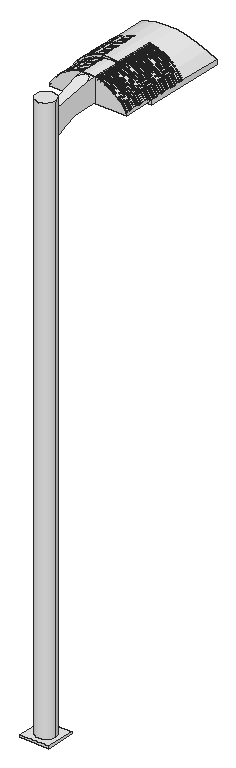
Revit family "ARX16-main", category Lighting Fixtures, host Face, Revit 2012
Parameters (values of type "White")
  Voltage = 120 V
  URL = "http://www.kimlighting.com/"
  Straight Arm [instance] = no
  Product Page URL = "http://www.kimlighting.com/products/archetype_x_sitearea"
  Product Documentation Link = "http://cdn.kimlighting.com/content/products/specs/specs_files/kl_arx09_lens_spec.pdf"
  Pole Mounting [instance] = ARX16-Pole : 1SA
  Photometry = "http://www.kimlighting.com/design-tools/ies-library/?query=ARX16"
  Model = "ARX16"  # constant formula
  Manufacturer Phone = "(626)-968-5666"  # constant formula
  Manufacturer Fax = "(626)-369-2695"  # constant formula
  Manufacturer = "Kim Lighting"  # constant formula
  Load Classification = Lighting
  Lens [instance] = no
  Lamp = "96 LED Lamp"  # constant formula
  Height = 10' - 0"
  Glass = Hubbell - Glass
  Finish = Hubbell - White
  Description = "ArcheType X Site/Area"  # constant formula
  Default Elevation = 4' - 0"
  Connector Description = "Lighting Connector"  # constant formula
  Apparent Load = 0 VA
Types (7): name | Straight Arm | Product Documentation Link | Pole Mounting | Lens | Finish
  (no name) | no | "http://cdn.kimlighting.com/content/products/specs/specs_files/kl_arx09_lens_spec.pdf" | ARX16-Pole : 1SA | no | Hubbell - White
  Black | yes | "http://cdn.kimlighting.com/content/products/specs/specs_files/kl_arx16_lens_spec.pdf" | ARX16-Pole : 1SA | yes | Hubbell - Black
  Dark Bronze | yes | "http://cdn.kimlighting.com/content/products/specs/specs_files/kl_arx09_lens_spec.pdf" | ARX16-Pole : 1SA | yes | Hubbell - Dark Bronze
  Light Gray | yes | "http://cdn.kimlighting.com/content/products/specs/specs_files/kl_arx09_lens_spec.pdf" | ARX16-Pole : 1SA | yes | Hubbell - Light Gray
  Platinum Silver | yes | "http://cdn.kimlighting.com/content/products/specs/specs_files/kl_arx09_lens_spec.pdf" | ARX16-Pole : 3ST | yes | Hubbell - Platinum Silver
  Titanium | yes | "http://cdn.kimlighting.com/content/products/specs/specs_files/kl_arx09_lens_spec.pdf" | ARX16-Pole : 1SA | yes | Hubbell - Titanium
  White | no | "http://cdn.kimlighting.com/content/products/specs/specs_files/kl_arx09_lens_spec.pdf" | ARX16-Pole : 1SA | no | Hubbell - White
Reference planes (in)
  plane 1 "Center (Front/Back)": y = 0
  plane 2: z = 0
  plane 3 "Center (Left/Right)": x = 0
  plane 4: z = 0.5
  plane 5: z = 120
Dimensions and locks (in)
  locked: host sketch curve to host sketch curve at 48  (x2)
  equal spacing: host sketch curve, plane 3 "Center (Left/Right)", host sketch curve
  equal spacing: host sketch curve, plane 1 "Center (Front/Back)", host sketch curve
  plane 3 "Center (Left/Right)" to host sketch curve = 2' - 0"
  plane 1 "Center (Front/Back)" to host sketch curve = 2' - 0"
  locked: plane 4 to plane 2 at 0.5
  "Height": plane 5 to plane 2
  aligned and locked: plane 2 to host face
  aligned and locked: level to host face
  aligned and locked: plane 3 "Center (Left/Right)" to nested 1
  aligned and locked: plane 1 "Center (Front/Back)" to nested 1
Nested families (in)
  nested 1: "ARX16-Pole" at (0, 0, 0), Height <- "Height", type <- "Pole Mounting", Glass <- "Glass", Finish <- "Finish", type "1SA"
    with Height 10' - 0", Glass Hubbell - Glass, Finish Hubbell - White
Connectors (in)
  electrical at (0, 0, 120), driven by "Load Classification", driven by "Voltage", driven by "Apparent Load", driven by "Connector Description"
    settings: on nested 1, index 1, voltage 120 V, apparent load 0 VA, apparent load phase1 0 VA, apparent load phase2 0 VA, apparent load phase3 0 VA, power factor 1, load classification "Lighting", number of poles 1, system type 30, power factor state 1, is connector primary yes, connector utility no, sub classification motor no, connector description "Lighting Connector"
Definition of nested family "ARX16-Pole"
  Parameters (values of type "1SA")
    Voltage = 120 V
    URL = ""
    Straight Arm = no
    Model = ""
    Manufacturer = ""
    Lens = no
    Lamp-6 = no
    Lamp-5 = no
    Lamp-4 = no
    Lamp-3 = no
    Lamp-2 = no
    Lamp-1 = yes
    Lamp = "LED Lamp"
    Height [instance] = 8' - 0"
    Glass [instance] = Hubbell - Glass
    Finish [instance] = none
    Description = ""
    Default Elevation = 4' - 0"
    Apparent Load = 0 VA
  Types (6): name | Straight Arm | Lens | Lamp-6 | Lamp-5 | Lamp-4 | Lamp-3 | Lamp-2 | Lamp-1
    1SA | no | no | no | no | no | no | no | yes
    2SB | yes | yes | no | no | no | yes | no | yes
    2SL | yes | yes | no | no | no | no | yes | yes
    3ST | yes | yes | no | no | no | yes | yes | yes
    3SY | yes | yes | yes | yes | no | yes | no | no
    4SC | yes | yes | no | no | yes | yes | yes | yes
  Reference planes (in)
    plane 1 "Center (Front/Back)": y = 0
    plane 2: z = 0
    plane 3 "Center (Left/Right)": x = 0
    plane 4: z = 0.5
    plane 5: y = 3
    plane 6: y = -3
    plane 7: x = -3
    plane 8: x = 3
    plane 9: x = 2
    plane 10: x = -2
    plane 11: y = 2
    plane 12: y = -2
    plane 13: z = 96
    plane 14: through (3.52609, 6.35436, 180) normal (0.7071, -0.7071, 0)
    plane 15: through (-3.52609, 6.35436, 180) normal (0.7071, 0.7071, 0)
    plane 16: through (-3.34644, 3.36386, 180) normal (0.7071, 0.7071, 0)
    plane 17: through (3.34644, 3.36386, 180) normal (0.7071, -0.7071, 0)
  Forms (in)
    Extrusion 1, solid
      sketch origin (0, 0, 0) x (1, 0, 0) y (0, 1, 0)
        loop
          line (-24, 24) -> (-24, -24) -> (24, -24) -> (24, 24) -> (-24, 24)
      from 0 to -1.5
    Extrusion 2, solid, material <- "Finish"
      sketch origin (0, 0, 0) x (1, 0, 0) y (0, 1, 0)
        loop
          line (-3, 3) -> (-3, -3) -> (3, -3) -> (3, 3) -> (-3, 3)
      from 0 to 0.5
    Extrusion 3, solid, material <- "Finish"
      sketch origin (0, 0, 0) x (1, 0, 0) y (0, 1, 0)
        loop
          circle (0, 0) r 2
      from 0 to 96
  Cuts and joins
    joined: Extrusion 2, Extrusion 3
  Dimensions and locks (in)
    locked: Extrusion 1 sketch curve to Extrusion 1 sketch curve at 48  (x2)
    equal spacing: Extrusion 1 sketch curve, plane 3 "Center (Left/Right)", Extrusion 1 sketch curve
    equal spacing: Extrusion 1 sketch curve, plane 1 "Center (Front/Back)", Extrusion 1 sketch curve
    plane 3 "Center (Left/Right)" to Extrusion 1 sketch curve = 2' - 0"
    plane 1 "Center (Front/Back)" to Extrusion 1 sketch curve = 2' - 0"
    locked: plane 4 to plane 2 at 0.5
    equal spacing: plane 7, plane 3 "Center (Left/Right)", plane 8
    locked: plane 7 to plane 8 at 6
    equal spacing: plane 5, plane 1 "Center (Front/Back)", plane 6
    locked: plane 5 to plane 6 at 6
    locked: plane 5 to plane 11 at 1
    equal spacing: plane 11, plane 1 "Center (Front/Back)", plane 12
    plane 11 to plane 12 = 0' - 4"
    equal spacing: plane 10, plane 3 "Center (Left/Right)", plane 9
    locked: plane 7 to plane 10 at 1
    "Height": plane 13 to plane 2
    aligned and locked: plane 2 to Extrusion 1
    aligned and locked: level to Extrusion 1
    aligned and locked: Extrusion 2 sketch curve to plane 5
    aligned and locked: plane 7 to Extrusion 2 sketch curve
    aligned and locked: plane 6 to Extrusion 2 sketch curve
    aligned and locked: Extrusion 2 sketch curve to plane 8
    aligned and locked: plane 4 to Extrusion 2
    aligned and locked: plane 13 to Extrusion 3
    aligned and locked: nested 3 to plane 13
    aligned and locked: nested 1 to plane 13
    aligned and locked: nested 2 to plane 13
    aligned and locked: nested 4 to plane 13
    aligned and locked: nested 2 to plane 1 "Center (Front/Back)"
    aligned and locked: nested 4 to plane 1 "Center (Front/Back)"
    aligned and locked: plane 16 to nested 6
    aligned and locked: plane 17 to nested 5
    aligned and locked: nested 6 to plane 13
    aligned and locked: nested 5 to plane 13
  Automatic sketch dimensions
    plane 1 "Center (Front/Back)" to Extrusion 3 sketch curve = 0' - 0"
    Extrusion 3 sketch curve to plane 3 "Center (Left/Right)" = 0' - 0"
    radius of Extrusion 3 sketch curve = 0' - 2"
  Nested families (in)
    nested 1: "ARX16" at (0, 2, 96) x (-1, 0, 0) z (0, 1, 0), visible <- "Lamp-1", type "ARX16"
    nested 2: "ARX16" at (2, 0, 96) x (0, 1, 0) z (1, 0, 0), visible <- "Lamp-2", type "ARX16"
    nested 3: "ARX16" at (-0.17812, -2, 96) x (1, 0, 0) z (0, -1, 0), visible <- "Lamp-3", type "ARX16"
    nested 4: "ARX16" at (-2, 0, 96) x (0, -1, 0) z (-1, 0, 0), visible <- "Lamp-4", type "ARX16"
    nested 5: "ARX16" at (1.40542, 1.42285, 96) x (-0.7071, 0.7071, 0) z (0.7071, 0.7071, 0), visible <- "Lamp-6", type "ARX16"
    nested 6: "ARX16" at (-1.40542, 1.42285, 96) x (-0.7071, -0.7071, 0) z (-0.7071, 0.7071, 0), visible <- "Lamp-5", type "ARX16"
  Definition of nested family "ARX16"
    Parameters (values of type "ARX16")
      Wattage Comments = ""
      Wattage = 9.2903 W
      built-in parameter 1150110 = 1 (stored number, unit not read)
      Voltage = 120 V
      Upswept Arm = not(Straight Arm)  # yes
      URL = ""
      built-in parameter 1114217 = 1 (stored number, unit not read)
      Tilt Angle = -90.00°
      built-in parameter 1150109 = 1 (stored number, unit not read)
      built-in parameter 1150134 = 3
      built-in parameter 1150113 = 1 (stored number, unit not read)
      Straight Arm = no
      Photometric Web File = "arx16d1-3k40.ies"
      Overall Length = if(Straight Arm, 2' 7.88976", 2' 8.12598")  # 2' - 8.12598"
      Model = ""
      Manufacturer = ""
      built-in parameter 1150105 = 109.82 (stored number, unit not read)
      Lumens = 1380 lm
      built-in parameter 1150115 = 1 (stored number, unit not read)
      built-in parameter 1150137 = (empty or 0)
      built-in parameter 1150139 = (empty or 0)
      Lens = no
      built-in parameter 1150112 = 1 (stored number, unit not read)
      built-in parameter 1150114 = 1 (stored number, unit not read)
      Lamp = "LED"
      built-in parameter 1150132 = (empty or 0)
      built-in parameter 1150102 = (empty or 0)
      built-in parameter 1150107 = 3200 (stored number, unit not read)
      built-in parameter 1150138 = (empty or 0)
      built-in parameter 1150106 = 1.0982 (stored number, unit not read)
      IES FILE LINK = "http://www.kimlighting.com/design-tools/ies-library/?filter[product]=1&filter[fixture]=95"
      Glass Finish = Hubbell - Glass
      Finish = none
      Emit from Rectangle Width = 1' - 3.98425"  # constant formula
      Emit from Rectangle Length = 1' - 3.98425"  # constant formula
      Emit Shape Visible in Rendering = no
      built-in parameter 1150104 = 13.8 (stored number, unit not read)
      Dimming Lamp Color Temperature Shift = (empty or 0)
      Description = ""
      Default Elevation = 4' - 0"
      Color Filter = 16777215
      built-in parameter 1114218 = 1 (stored number, unit not read)
      built-in parameter 1150133 = 10 (stored number, unit not read)
      Apparent Load = 0 VA
    Reference planes (in)
      plane 1 "Center (Front/Back)": y = 0
      plane 2: z = 0
      plane 3 "Center (Left/Right)": x = 0
      plane 4: x = -8.50394
      plane 5: x = 8.50394
      plane 6: z = 32.12598
      plane 7: z = 15.11811
      plane 8: z = 9.13386
      plane 9: y = -5.86614
      plane 10: y = -8.11024
      plane 11: x = -7.99213
      plane 12: x = 7.99213
      plane 13: y = -5.47244
      plane 14: y = -0.3937
      plane 15: z = 23.62205
    Forms (in)
      Extrusion 1, solid
        sketch origin (0, 0, 0) x (1, 0, 0) y (0, 1, 0)
          loop
            line (-48, 48) -> (-48, -48) -> (48, -48) -> (48, 48) -> (-48, 48)
        from 0 to -0.75
      Extrusion 2, solid, material <- "Finish"
        sketch origin (0, 0, 0) x (1, 0, 0) y (0, 1, 0)
          loop
            line (-8.50394, -5.86614) -> (8.50394, -5.86614) -> (8.50394, -4.88189)
            arc (8.50394, -4.88189) -> (0, 0) -> (-8.50394, -4.88189) r 9.8476
            line (-8.50394, -4.88189) -> (-8.50394, -5.86614)
        from 32.12598 to 15.11811
      Extrusion 3, solid, material <- "Finish"
        sketch origin (0, 0, 0) x (1, 0, 0) y (0, 1, 0)
          loop
            line (-7.99213, -5.47244) -> (7.99213, -5.47244) -> (7.99213, -4.88189)
            arc (7.99213, -4.88189) -> (0, -0.3937) -> (-7.99213, -4.88189) r 9.35989
            line (-7.99213, -4.88189) -> (-7.99213, -5.47244)
        from 15.11811 to 9.13386
      Blend 4, solid, material <- "Finish", visible <- "Upswept Arm"
        base sketch origin (0, 0, 0) x (1, 0, 0) y (0, 1, 0)
          loop
            line (-1.42209, -5.47244) -> (1.42209, -5.47244) -> (1.42209, -0.52399)
            arc (1.42209, -0.52399) -> (0, -0.40397) -> (-1.42209, -0.52399) r 8.48505
            line (-1.42209, -0.52399) -> (-1.42209, -5.47244)
        top sketch origin (0, 0, 0) x (1, 0, 0) y (0, 1, 0)
          loop
            line (-0.78753, -1.40418) -> (-0.78753, -8.11024) -> (0.78753, -8.11024) -> (0.78753, -1.40418) -> (-0.78753, -1.40418)
        from 9.13386 to 0
      Extrusion 5, void
        sketch origin (0, 0, 0) x (0, 1, 0) y (0, 0, 1)
          loop
            arc (-0.3937, 9.13386) -> (-1.33288, 4.50833) -> (-2.73019, 0) r 47.11086
            line (-2.73019, 0) -> (-0.3937, 0) -> (-0.3937, 9.13386)
          loop
            line (-5.47244, 9.13386) -> (-8.11024, 9.13386) -> (-8.11024, 0)
            arc (-8.11024, 0) -> (-5.91722, 4.31449) -> (-5.47244, 9.13386) r 12.87263
        from 7.99213 to -7.99213
      Extrusion 6, void
        sketch origin (0, 0, 0) x (0, 1, 0) y (0, 0, 1)
          loop
            line (-4.88189, 32.12598) -> (0, 29.31359) -> (0, 32.12598) -> (-4.88189, 32.12598)
        from 8.50394 to -8.50394
      Sweep 7, void
        path origin (0, 0, 0) x (1, 0, 0) y (0, 1, 0)
          loop
            line (-8.50394, -5.00853) -> (-8.50394, -4.88189)
            arc (-8.50394, -4.88189) -> (-5.60858, -1.75322) -> (-1.66227, -0.14131) r 9.8476
        profile origin (-8.50394, -4.94521, 0) x (-1, 0, 0) y (0, 0, 1)
          loop
            line (0, 20.93138) -> (-0.17345, 20.93138) -> (-0.17345, 20.53768) -> (0, 20.53768) -> (0, 20.93138)
          loop
            line (0, 20.34083) -> (-0.17345, 20.34083) -> (-0.17345, 19.94713) -> (0, 19.94713) -> (0, 20.34083)
          loop
            line (0, 19.75028) -> (-0.17345, 19.75028) -> (-0.17345, 19.35658) -> (0, 19.35658) -> (0, 19.75028)
          loop
            line (0, 19.15973) -> (-0.17345, 19.15973) -> (-0.17345, 18.76603) -> (0, 18.76603) -> (0, 19.15973)
          loop
            line (0, 18.56918) -> (-0.17345, 18.56918) -> (-0.17345, 18.17547) -> (0, 18.17547) -> (0, 18.56918)
          loop
            line (0, 17.97862) -> (-0.17345, 17.97862) -> (-0.17345, 17.58492) -> (0, 17.58492) -> (0, 17.97862)
          loop
            line (0, 17.38807) -> (-0.17345, 17.38807) -> (-0.17345, 16.99437) -> (0, 16.99437) -> (0, 17.38807)
          loop
            line (0, 16.79752) -> (-0.17345, 16.79752) -> (-0.17345, 16.40382) -> (0, 16.40382) -> (0, 16.79752)
          loop
            line (0, 16.20697) -> (-0.17345, 16.20697) -> (-0.17345, 15.81327) -> (0, 15.81327) -> (0, 16.20697)
          loop
            line (0, 15.61642) -> (-0.17345, 15.61642) -> (-0.17345, 15.22272) -> (0, 15.22272) -> (0, 15.61642)
          loop
            line (0, 23.29358) -> (-0.17345, 23.29358) -> (-0.17345, 22.89988) -> (0, 22.89988) -> (0, 23.29358)
          loop
            line (0, 22.70303) -> (-0.17345, 22.70303) -> (-0.17345, 22.30933) -> (0, 22.30933) -> (0, 22.70303)
          loop
            line (0, 22.11248) -> (-0.17345, 22.11248) -> (-0.17345, 21.71878) -> (0, 21.71878) -> (0, 22.11248)
          loop
            line (0, 21.52193) -> (-0.17345, 21.52193) -> (-0.17345, 21.12823) -> (0, 21.12823) -> (0, 21.52193)
      Sweep 8, void
        path origin (0, 0, -3.0744) x (1, 0, 0) y (0, 1, 0)
          loop
            line (-7.99213, -5.00853) -> (-7.99213, -4.88189)
            arc (-7.99213, -4.88189) -> (-5.18446, -1.96071) -> (-1.4053, -0.4998) r 9.35989
        profile origin (-7.99213, -4.94521, -3.0744) x (-1, 0, 0) y (0, 0, 1)
          loop
            line (0, 17.97862) -> (-0.15748, 17.97862) -> (-0.15748, 17.58492) -> (0, 17.58492) -> (0, 17.97862)
          loop
            line (0, 17.38807) -> (-0.15748, 17.38807) -> (-0.15748, 16.99437) -> (0, 16.99437) -> (0, 17.38807)
          loop
            line (0, 16.79752) -> (-0.15748, 16.79752) -> (-0.15748, 16.40382) -> (0, 16.40382) -> (0, 16.79752)
          loop
            line (0, 16.20697) -> (-0.15748, 16.20697) -> (-0.15748, 15.81327) -> (0, 15.81327) -> (0, 16.20697)
          loop
            line (0, 15.61642) -> (-0.15748, 15.61642) -> (-0.15748, 15.22272) -> (0, 15.22272) -> (0, 15.61642)
          loop
            line (0, 15.02587) -> (-0.15748, 15.02587) -> (-0.15748, 14.63217) -> (0, 14.63217) -> (0, 15.02587)
          loop
            line (0, 14.43532) -> (-0.15748, 14.43532) -> (-0.15748, 14.04162) -> (0, 14.04162) -> (0, 14.43532)
          loop
            line (0, 13.84477) -> (-0.15748, 13.84477) -> (-0.15748, 13.45106) -> (0, 13.45106) -> (0, 13.84477)
          loop
            line (0, 13.25421) -> (-0.15748, 13.25421) -> (-0.15748, 12.86051) -> (0, 12.86051) -> (0, 13.25421)
          loop
            line (0, 12.66366) -> (-0.15748, 12.66366) -> (-0.15748, 12.26996) -> (0, 12.26996) -> (0, 12.66366)
      Extrusion 9, void
        sketch origin (0, 0, 0) x (1, 0, 0) y (0, 0, 1)
          loop
            line (-7.99213, 31.62768) -> (-7.99213, 15.61642) -> (7.99213, 15.61642) -> (7.99213, 31.62768) -> (-7.99213, 31.62768)
        from 4.88189 to 5.86614
      Extrusion 10, solid, material "Hubbell - Glass" <- "Glass Finish", visible <- "Lens"
        sketch origin (0, 0, 0) x (0, 1, 0) y (0, 0, 1)
          loop
            line (-5.86614, 31.62768) -> (-5.86614, 15.61642) -> (-5.47244, 15.61642) -> (-5.47244, 31.62768) -> (-5.86614, 31.62768)
        from -7.99213 to 7.99213
      Blend 11, solid, material <- "Finish", visible <- "Straight Arm"
        base sketch origin (0, 0, 0) x (1, 0, 0) y (0, 1, 0)
          loop
            line (-1.42209, -0.59055) -> (-1.42209, -5.47244) -> (1.42209, -5.47244) -> (1.42209, -0.59055) -> (-1.42209, -0.59055)
        top sketch origin (0, 0, 0) x (1, 0, 0) y (0, 1, 0)
          loop
            line (-0.78745, -6.45669) -> (0.78735, -6.45669) -> (0.78735, -0.59055) -> (-0.78745, -0.59055) -> (-0.78745, -6.45669)
        from 9.13386 to 0
      Sweep 12, void
        path origin (0, 0, -3.0744) x (-1, 0, 0) y (0, -1, 0)
          loop
            line (-7.99213, 5.00853) -> (-7.99213, 4.88189)
            arc (-7.99213, 4.88189) -> (-5.18446, 1.96071) -> (-1.4053, 0.4998) r 9.35989
        profile origin (7.99213, -4.94521, -3.0744) x (-1, 0, 0) y (0, 0, 1)
          loop
            line (0, 17.97862) -> (0, 17.58492) -> (0.15748, 17.58492) -> (0.15748, 17.97862) -> (0, 17.97862)
          loop
            line (0, 17.38807) -> (0, 16.99437) -> (0.15748, 16.99437) -> (0.15748, 17.38807) -> (0, 17.38807)
          loop
            line (0, 16.79752) -> (0, 16.40382) -> (0.15748, 16.40382) -> (0.15748, 16.79752) -> (0, 16.79752)
          loop
            line (0, 16.20697) -> (0, 15.81327) -> (0.15748, 15.81327) -> (0.15748, 16.20697) -> (0, 16.20697)
          loop
            line (0, 15.61642) -> (0, 15.22272) -> (0.15748, 15.22272) -> (0.15748, 15.61642) -> (0, 15.61642)
          loop
            line (0, 15.02587) -> (0, 14.63217) -> (0.15748, 14.63217) -> (0.15748, 15.02587) -> (0, 15.02587)
          loop
            line (0, 14.43532) -> (0, 14.04162) -> (0.15748, 14.04162) -> (0.15748, 14.43532) -> (0, 14.43532)
          loop
            line (0, 13.84477) -> (0, 13.45106) -> (0.15748, 13.45106) -> (0.15748, 13.84477) -> (0, 13.84477)
          loop
            line (0, 13.25421) -> (0, 12.86051) -> (0.15748, 12.86051) -> (0.15748, 13.25421) -> (0, 13.25421)
          loop
            line (0, 12.66366) -> (0, 12.26996) -> (0.15748, 12.26996) -> (0.15748, 12.66366) -> (0, 12.66366)
      Sweep 13, void
        path origin (0, 0, 0) x (-1, 0, 0) y (0, 1, 0)
          loop
            line (-8.50394, -5.00853) -> (-8.50394, -4.88189)
            arc (-8.50394, -4.88189) -> (-5.60858, -1.75322) -> (-1.66227, -0.14131) r 9.8476
        profile origin (8.50394, -4.94521, 0) x (-1, 0, 0) y (0, 0, 1)
          loop
            line (0, 20.93138) -> (0, 20.53768) -> (0.17345, 20.53768) -> (0.17345, 20.93138) -> (0, 20.93138)
          loop
            line (0, 20.34083) -> (0, 19.94713) -> (0.17345, 19.94713) -> (0.17345, 20.34083) -> (0, 20.34083)
          loop
            line (0, 19.75028) -> (0, 19.35658) -> (0.17345, 19.35658) -> (0.17345, 19.75028) -> (0, 19.75028)
          loop
            line (0, 19.15973) -> (0, 18.76603) -> (0.17345, 18.76603) -> (0.17345, 19.15973) -> (0, 19.15973)
          loop
            line (0, 18.56918) -> (0, 18.17547) -> (0.17345, 18.17547) -> (0.17345, 18.56918) -> (0, 18.56918)
          loop
            line (0, 17.97862) -> (0, 17.58492) -> (0.17345, 17.58492) -> (0.17345, 17.97862) -> (0, 17.97862)
          loop
            line (0, 17.38807) -> (0, 16.99437) -> (0.17345, 16.99437) -> (0.17345, 17.38807) -> (0, 17.38807)
          loop
            line (0, 16.79752) -> (0, 16.40382) -> (0.17345, 16.40382) -> (0.17345, 16.79752) -> (0, 16.79752)
          loop
            line (0, 16.20697) -> (0, 15.81327) -> (0.17345, 15.81327) -> (0.17345, 16.20697) -> (0, 16.20697)
          loop
            line (0, 15.61642) -> (0, 15.22272) -> (0.17345, 15.22272) -> (0.17345, 15.61642) -> (0, 15.61642)
          loop
            line (0, 23.29358) -> (0, 22.89988) -> (0.17345, 22.89988) -> (0.17345, 23.29358) -> (0, 23.29358)
          loop
            line (0, 22.70303) -> (0, 22.30933) -> (0.17345, 22.30933) -> (0.17345, 22.70303) -> (0, 22.70303)
          loop
            line (0, 22.11248) -> (0, 21.71878) -> (0.17345, 21.71878) -> (0.17345, 22.11248) -> (0, 22.11248)
          loop
            line (0, 21.52193) -> (0, 21.12823) -> (0.17345, 21.12823) -> (0.17345, 21.52193) -> (0, 21.52193)
    Cuts and joins
      Extrusion 5 cuts Blend 4
      Extrusion 6, Sweep 7, Sweep 8, Extrusion 9, Sweep 13 cuts Extrusion 2
      Sweep 8, Sweep 12 cuts Extrusion 3
    Dimensions and locks (in)
      equal spacing: plane 5, plane 3 "Center (Left/Right)", plane 4
      plane 3 "Center (Left/Right)" to plane 4 = 0' - 8.50394"
      "Overall Length": plane 6 to plane 2
      locked: plane 6 to plane 7 at 17.00787
      locked: plane 7 to plane 8 at 5.98425
      plane 1 "Center (Front/Back)" to plane 9 = 0' - 5.86614"
      plane 1 "Center (Front/Back)" to plane 10 = 0' - 8.11024"
      equal spacing: plane 12, plane 3 "Center (Left/Right)", plane 11
      plane 3 "Center (Left/Right)" to plane 11 = 0' - 7.99213"
      plane 3 "Center (Left/Right)" to Extrusion 2 = 0' - 8.50394"
      equal spacing: Blend 4 sketch curve, plane 3 "Center (Left/Right)", Blend 4 sketch curve  (x2)
      equal spacing: plane 6, plane 15, plane 7
      plane 13 to plane 9 = 0' - 0.3937"
      plane 5 to plane 4 = 1' - 5.00787"
      plane 12 to plane 11 = 1' - 3.98425"
      equal spacing: Extrusion 10 sketch curve, plane 15, cut or joined group of Extrusion 2, Extrusion 6, Sweep 7, Sweep 8, Extrusion 9, Sweep 13
      radius of Extrusion 2 sketch curve = 0' - 9.8476"
      aligned and locked: plane 6 to Extrusion 2
      aligned and locked: plane 7 to Extrusion 3
      aligned and locked: Extrusion 3 to plane 8
      aligned and locked: plane 12 to Extrusion 5
      aligned and locked: Extrusion 5 to plane 11
      aligned and locked: Extrusion 6 to plane 4
      aligned and locked: plane 5 to Extrusion 6
      aligned and locked: Extrusion 10 sketch curve to cut or joined group of Extrusion 2, Extrusion 6, Sweep 7, Sweep 8, Extrusion 9, Sweep 13
      aligned and locked: Extrusion 10 to plane 11
      aligned and locked: plane 12 to Extrusion 10
      aligned and locked: Blend 11 to level
      aligned and locked: plane 8 to Blend 11
      aligned and locked: Extrusion 2 to plane 7
      aligned and locked: plane 8 to Blend 4
    Automatic sketch dimensions
      Extrusion 1 sketch curve to Extrusion 1 sketch curve = 8' - 0"  (x2)
      Extrusion 2 sketch curve to plane 4 = 0' - 0"
      Extrusion 2 sketch curve to plane 3 "Center (Left/Right)" = 0' - 0"
      Extrusion 2 sketch curve to plane 5 = 0' - 0"
      plane 9 to Extrusion 2 sketch curve = 0' - 0"
      plane 10 to Extrusion 2 sketch curve = 0' - 1.73736"
      Extrusion 3 sketch curve to plane 11 = 0' - 0"
      Extrusion 3 sketch curve to plane 3 "Center (Left/Right)" = 0' - 0"
      Extrusion 3 sketch curve to plane 12 = 0' - 0"
      plane 13 to Extrusion 3 sketch curve = 0' - 0"
      plane 10 to Extrusion 3 sketch curve = 0' - 1.64336"
      Extrusion 3 sketch curve to plane 13 = 0' - 0.59055"
      plane 13 to Blend 4 sketch curve = 0' - 0"
      Blend 4 sketch curve to plane 3 "Center (Left/Right)" = 0' - 0"
      Blend 4 sketch curve to plane 3 "Center (Left/Right)" = 0' - 1.42209"
      plane 10 to Blend 4 sketch curve = 0' - 0.77879"
      plane 14 to Blend 4 sketch curve = 0' - 0.13029"
      plane 10 to Blend 4 sketch curve = 0' - 0"
      Blend 4 sketch curve to plane 3 "Center (Left/Right)" = 0' - 0.78753"
      plane 14 to Blend 4 sketch curve = 0' - 1.01048"
      Extrusion 6 sketch curve to plane 6 = 0' - 0"
      Extrusion 6 sketch curve to plane 1 "Center (Front/Back)" = 0' - 0"
      Extrusion 6 sketch curve to plane 13 = 0' - 0.59055"
      Extrusion 6 sketch curve to Extrusion 6 sketch curve = 0' - 2.8124"
      Sweep 7 sketch curve to plane 4 = 0' - 0"
      Sweep 7 sketch curve to plane 3 "Center (Left/Right)" = 0' - 0"
      plane 1 "Center (Front/Back)" to Sweep 7 sketch curve = 0' - 0.14131"
      Sweep 7 sketch curve to plane 3 "Center (Left/Right)" = 0' - 1.66227"
      Sweep 7 sketch curve to plane 9 = 0' - 0.98425"
      Sweep 7 sketch curve to Sweep 7 sketch curve = 0' - 0.12664"
      Sweep 7 sketch curve to profile plane = 0' - 0"  (x14)
      profile plane to Sweep 7 sketch curve = 0' - 0.17345"  (x14)
      level to Sweep 7 sketch curve = 1' - 3.22272"
      Sweep 7 sketch curve to Sweep 7 sketch curve = 0' - 0.3937"  (x14)
      Sweep 7 sketch curve to Sweep 7 sketch curve = 0' - 0.19685"  (x13)
      Sweep 8 sketch curve to plane 11 = 0' - 0"
      Sweep 8 sketch curve to plane 3 "Center (Left/Right)" = 0' - 0"
      plane 14 to Sweep 8 sketch curve = 0' - 0.1061"
      Sweep 8 sketch curve to plane 3 "Center (Left/Right)" = 0' - 1.4053"
      Sweep 8 sketch curve to plane 9 = 0' - 0.98425"
      Sweep 8 sketch curve to Sweep 8 sketch curve = 0' - 0.12664"
      Sweep 8 sketch curve to profile plane = 0' - 0"  (x10)
      profile plane to Sweep 8 sketch curve = 0' - 0.15748"  (x10)
      profile plane to Sweep 8 sketch curve = 1' - 0.26996"
      Sweep 8 sketch curve to Sweep 8 sketch curve = 0' - 0.3937"  (x10)
      Sweep 8 sketch curve to Sweep 8 sketch curve = 0' - 0.19685"  (x9)
      plane 13 to Blend 11 sketch curve = 0' - 0"
      Blend 11 sketch curve to plane 3 "Center (Left/Right)" = 0' - 1.42209"
      plane 3 "Center (Left/Right)" to Blend 11 sketch curve = 0' - 1.42209"
      plane 14 to Blend 11 sketch curve = 0' - 0.19685"  (x2)
      Blend 11 sketch curve to plane 3 "Center (Left/Right)" = 0' - 0.78745"
      plane 3 "Center (Left/Right)" to Blend 11 sketch curve = 0' - 0.78735"
      plane 9 to Blend 11 sketch curve = 0' - 0.59055"
      Sweep 12 sketch curve to plane 12 = 0' - 0"
      Sweep 12 sketch curve to plane 3 "Center (Left/Right)" = 0' - 0"
      plane 14 to Sweep 12 sketch curve = 0' - 0.1061"
      plane 3 "Center (Left/Right)" to Sweep 12 sketch curve = 0' - 1.4053"
      Sweep 12 sketch curve to plane 9 = 0' - 0.98425"
      Sweep 12 sketch curve to Sweep 12 sketch curve = 0' - 0.12664"
      Sweep 12 sketch curve to profile plane = 0' - 0"  (x10)
      Sweep 12 sketch curve to profile plane = 0' - 0.15748"  (x10)
      profile plane to Sweep 12 sketch curve = 1' - 0.26996"
      Sweep 12 sketch curve to Sweep 12 sketch curve = 0' - 0.3937"  (x10)
      Sweep 12 sketch curve to Sweep 12 sketch curve = 0' - 0.19685"  (x9)
      Sweep 13 sketch curve to plane 5 = 0' - 0"
      Sweep 13 sketch curve to plane 3 "Center (Left/Right)" = 0' - 0"
      Sweep 13 sketch curve to plane 1 "Center (Front/Back)" = 0' - 0.14131"
      Sweep 13 sketch curve to plane 3 "Center (Left/Right)" = 0' - 1.66227"
      plane 9 to Sweep 13 sketch curve = 0' - 0.98425"
      Sweep 13 sketch curve to Sweep 13 sketch curve = 0' - 0.12664"
      Sweep 13 sketch curve to profile plane = 0' - 0"  (x14)
      Sweep 13 sketch curve to Sweep 13 sketch curve = 0' - 0.17345"  (x14)
      level to Sweep 13 sketch curve = 1' - 3.22272"
      Sweep 13 sketch curve to Sweep 13 sketch curve = 0' - 0.3937"  (x14)
      Sweep 13 sketch curve to Sweep 13 sketch curve = 0' - 0.19685"  (x13)
      Extrusion 5 sketch curve to level = 0' - 0"  (x2)
      Extrusion 5 sketch curve to plane 10 = 0' - 0"
      Extrusion 5 sketch curve to plane 8 = 0' - 0"  (x2)
      Extrusion 5 sketch curve to plane 13 = 0' - 0"
      Extrusion 5 sketch curve to plane 14 = 0' - 0"
      Extrusion 5 sketch curve to plane 8 = 0' - 1.2478"
      plane 7 to Extrusion 5 sketch curve = 0' - 1.0655"
      Extrusion 5 sketch curve to Extrusion 5 sketch curve = 2' - 4.68966"
      Extrusion 9 sketch curve to plane 11 = 0' - 0"
      Extrusion 9 sketch curve to plane 12 = 0' - 0"
      plane 7 to Extrusion 9 sketch curve = 0' - 0.49831"
      Extrusion 9 sketch curve to plane 6 = 0' - 0.49831"
      Extrusion 10 sketch curve to plane 13 = 0' - 0"
      plane 7 to Extrusion 10 sketch curve = 0' - 0.49831"
